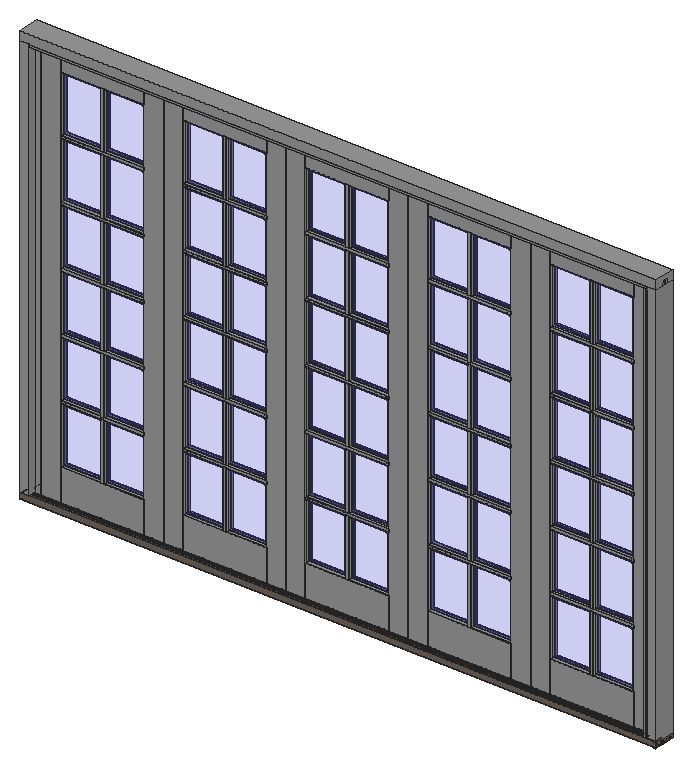
Revit family "VSFA 3180 SP LH", category Doors, host Wall, Revit 2015 (continued)
Forms (mm)
  Extrusion 75, solid, material "Lauan, Meranti"
    sketch origin (-556.235, 0, 0) x (0, 1, 0) y (0, 0, -1)
      loop
        line (-13.5, -1662) -> (-15.5, -1662) -> (-15.5, -1675)
      loop
        line (-15.5, -1378) -> (-13.5, -1378)
        arc (-13.5, -1378) -> (-11.866, -1382.67) -> (-7.5, -1385) r 6.807
        line (-7.5, -1385) -> (-7.5, -1387) -> (-5.5, -1387) -> (-5.5, -1378) -> (24.5, -1378) -> (24.5, -1365) -> (-5.5, -1365) -> (-5.5, -1356) -> (-7.5, -1356) -> (-7.5, -1358)
        arc (-7.5, -1358) -> (-11.866, -1360.33) -> (-13.5, -1365) r 6.807
        line (-13.5, -1365) -> (-15.5, -1365) -> (-15.5, -1378)
      loop
        line (-15.5, -1081) -> (-13.5, -1081)
        arc (-13.5, -1081) -> (-11.866, -1085.67) -> (-7.5, -1088) r 6.807
        line (-7.5, -1088) -> (-7.5, -1090) -> (-5.5, -1090) -> (-5.5, -1081) -> (24.5, -1081) -> (24.5, -1068) -> (-5.5, -1068) -> (-5.5, -1059) -> (-7.5, -1059) -> (-7.5, -1061)
        arc (-7.5, -1061) -> (-11.866, -1063.33) -> (-13.5, -1068) r 6.807
        line (-13.5, -1068) -> (-15.5, -1068) -> (-15.5, -1081)
      loop
        line (-15.5, -784) -> (-13.5, -784)
        arc (-13.5, -784) -> (-11.866, -788.67) -> (-7.5, -791) r 6.807
        line (-7.5, -791) -> (-7.5, -793) -> (-5.5, -793) -> (-5.5, -784) -> (24.5, -784) -> (24.5, -771) -> (-5.5, -771) -> (-5.5, -762) -> (-7.5, -762) -> (-7.5, -764)
        arc (-7.5, -764) -> (-11.866, -766.33) -> (-13.5, -771) r 6.807
        line (-13.5, -771) -> (-15.5, -771) -> (-15.5, -784)
      loop
        line (-15.5, -487) -> (-13.5, -487)
        arc (-13.5, -487) -> (-11.866, -491.67) -> (-7.5, -494) r 6.807
        line (-7.5, -494) -> (-7.5, -496) -> (-5.5, -496) -> (-5.5, -487) -> (24.5, -487) -> (24.5, -474) -> (-5.5, -474) -> (-5.5, -465) -> (-7.5, -465) -> (-7.5, -467)
        arc (-7.5, -467) -> (-11.866, -469.33) -> (-13.5, -474) r 6.807
        line (-13.5, -474) -> (-15.5, -474) -> (-15.5, -487)
    from -169.235 to 248.765
  Sweep 76, solid, material "Lauan, Meranti"
    path origin (-263.876, -75, -1252.272) x (-1, 0, 0) y (0, 0, -1)
      loop
        line (338.624, -1726.272) -> (541.124, -1726.272) -> (541.124, -1442.272) -> (338.624, -1442.272) -> (338.624, -1726.272)
    profile origin (-703.75, -75, 474) x (0, 0, -1) y (0, -1, 0)
      loop
        line (9, -78) -> (0, -78) -> (0, -86)
        arc (0, -86) -> (4.67, -84.366) -> (7, -80) r 6.807
        line (7, -80) -> (9, -80) -> (9, -78)
  Extrusion 77, solid, material "Glass"
    sketch origin (-532.808, -110.55, -763.769) x (-1, 0, 0) y (0, 0, -1)
      loop
        line (272.18, -953.779) -> (69.692, -953.779) -> (69.692, -1237.769) -> (272.18, -1237.769) -> (272.18, -953.779)
      loop
        line (56.692, -1237.769) -> (56.692, -953.769) -> (-145.808, -953.769) -> (-145.808, -1237.769) -> (56.692, -1237.769)
      loop
        line (272.18, -1250.779) -> (69.692, -1250.779) -> (69.692, -1534.769) -> (272.18, -1534.769) -> (272.18, -1250.779)
      loop
        line (56.692, -1534.769) -> (56.692, -1250.769) -> (-145.808, -1250.769) -> (-145.808, -1534.769) -> (56.692, -1534.769)
      loop
        line (272.18, -1547.779) -> (69.692, -1547.779) -> (69.692, -1831.769) -> (272.18, -1831.769) -> (272.18, -1547.779)
      loop
        line (56.692, -1831.769) -> (56.692, -1547.769) -> (-145.808, -1547.769) -> (-145.808, -1831.769) -> (56.692, -1831.769)
      loop
        line (272.18, -1844.779) -> (69.692, -1844.779) -> (69.692, -2128.769) -> (272.18, -2128.769) -> (272.18, -1844.779)
      loop
        line (56.692, -2128.769) -> (56.692, -1844.769) -> (-145.808, -1844.769) -> (-145.808, -2128.769) -> (56.692, -2128.769)
      loop
        line (272.18, -2141.779) -> (69.692, -2141.779) -> (69.692, -2425.769) -> (272.18, -2425.769) -> (272.18, -2141.779)
      loop
        line (56.692, -2425.769) -> (56.692, -2141.769) -> (-145.808, -2141.769) -> (-145.808, -2425.769) -> (56.692, -2425.769)
      loop
        line (272.18, -2438.779) -> (69.692, -2438.779) -> (69.692, -2722.769) -> (272.18, -2722.769) -> (272.18, -2438.779)
      loop
        line (56.692, -2722.769) -> (56.692, -2438.769) -> (-145.808, -2438.769) -> (-145.808, -2722.769) -> (56.692, -2722.769)
    from -112.5 to -106.1
  Extrusion 78, solid, material "Lauan, Meranti"
    sketch origin (-1, 0, 0) x (-1, 0, 0) y (0, -1, 0)
      loop
        line (601.5, 15.5) -> (588.5, 15.5) -> (588.5, 13.5)
        arc (588.5, 13.5) -> (583.83, 11.866) -> (581.5, 7.5) r 6.807
        line (581.5, 7.5) -> (579.5, 7.5) -> (579.5, 5.5) -> (588.5, 5.5) -> (588.5, -24.5) -> (601.5, -24.5) -> (601.5, 5.5) -> (610.5, 5.5) -> (610.5, 7.5) -> (608.5, 7.5)
        arc (608.5, 7.5) -> (606.17, 11.866) -> (601.5, 13.5) r 6.807
        line (601.5, 13.5) -> (601.5, 15.5)
    from 190 to 474
  Sweep 79, solid, material "Lauan, Meranti"
    path origin (-48.388, -75, -1252.272) x (-1, 0, 0) y (0, 0, -1)
      loop
        line (338.624, -1726.272) -> (541.124, -1726.272) -> (541.124, -1442.272) -> (338.624, -1442.272) -> (338.624, -1726.272)
    profile origin (-488.262, -75, 474) x (0, 0, -1) y (0, -1, 0)
      loop
        line (9, -78) -> (0, -78) -> (0, -86)
        arc (0, -86) -> (4.67, -84.366) -> (7, -80) r 6.807
        line (7, -80) -> (9, -80) -> (9, -78)
  Sweep 80, solid, material "Lauan, Meranti"
    path origin (-263.876, -75, -955.284) x (-1, 0, 0) y (0, 0, -1)
      loop
        line (338.624, -1726.272) -> (541.124, -1726.272) -> (541.124, -1442.272) -> (338.624, -1442.272) -> (338.624, -1726.272)
    profile origin (-703.75, -75, 770.988) x (0, 0, -1) y (0, -1, 0)
      loop
        line (9, -78) -> (0, -78) -> (0, -86)
        arc (0, -86) -> (4.67, -84.366) -> (7, -80) r 6.807
        line (7, -80) -> (9, -80) -> (9, -78)
  Extrusion 81, solid, material "Lauan, Meranti"
    sketch origin (-1, 0, 296.988) x (-1, 0, 0) y (0, -1, 0)
      loop
        line (601.5, 15.5) -> (588.5, 15.5) -> (588.5, 13.5)
        arc (588.5, 13.5) -> (583.83, 11.866) -> (581.5, 7.5) r 6.807
        line (581.5, 7.5) -> (579.5, 7.5) -> (579.5, 5.5) -> (588.5, 5.5) -> (588.5, -24.5) -> (601.5, -24.5) -> (601.5, 5.5) -> (610.5, 5.5) -> (610.5, 7.5) -> (608.5, 7.5)
        arc (608.5, 7.5) -> (606.17, 11.866) -> (601.5, 13.5) r 6.807
        line (601.5, 13.5) -> (601.5, 15.5)
    from 190 to 474
  Sweep 82, solid, material "Lauan, Meranti"
    path origin (-48.388, -75, -955.284) x (-1, 0, 0) y (0, 0, -1)
      loop
        line (338.624, -1726.272) -> (541.124, -1726.272) -> (541.124, -1442.272) -> (338.624, -1442.272) -> (338.624, -1726.272)
    profile origin (-488.262, -75, 770.988) x (0, 0, -1) y (0, -1, 0)
      loop
        line (9, -78) -> (0, -78) -> (0, -86)
        arc (0, -86) -> (4.67, -84.366) -> (7, -80) r 6.807
        line (7, -80) -> (9, -80) -> (9, -78)
  Sweep 83, solid, material "Lauan, Meranti"
    path origin (-263.876, -75, -658.284) x (-1, 0, 0) y (0, 0, -1)
      loop
        line (338.624, -1726.272) -> (541.124, -1726.272) -> (541.124, -1442.272) -> (338.624, -1442.272) -> (338.624, -1726.272)
    profile origin (-703.75, -75, 1067.988) x (0, 0, -1) y (0, -1, 0)
      loop
        line (9, -78) -> (0, -78) -> (0, -86)
        arc (0, -86) -> (4.67, -84.366) -> (7, -80) r 6.807
        line (7, -80) -> (9, -80) -> (9, -78)
  Extrusion 84, solid, material "Lauan, Meranti"
    sketch origin (-1, 0, 593.988) x (-1, 0, 0) y (0, -1, 0)
      loop
        line (601.5, 15.5) -> (588.5, 15.5) -> (588.5, 13.5)
        arc (588.5, 13.5) -> (583.83, 11.866) -> (581.5, 7.5) r 6.807
        line (581.5, 7.5) -> (579.5, 7.5) -> (579.5, 5.5) -> (588.5, 5.5) -> (588.5, -24.5) -> (601.5, -24.5) -> (601.5, 5.5) -> (610.5, 5.5) -> (610.5, 7.5) -> (608.5, 7.5)
        arc (608.5, 7.5) -> (606.17, 11.866) -> (601.5, 13.5) r 6.807
        line (601.5, 13.5) -> (601.5, 15.5)
    from 190 to 474
  Sweep 85, solid, material "Lauan, Meranti"
    path origin (-48.388, -75, -658.284) x (-1, 0, 0) y (0, 0, -1)
      loop
        line (338.624, -1726.272) -> (541.124, -1726.272) -> (541.124, -1442.272) -> (338.624, -1442.272) -> (338.624, -1726.272)
    profile origin (-488.262, -75, 1067.988) x (0, 0, -1) y (0, -1, 0)
      loop
        line (9, -78) -> (0, -78) -> (0, -86)
        arc (0, -86) -> (4.67, -84.366) -> (7, -80) r 6.807
        line (7, -80) -> (9, -80) -> (9, -78)
  Sweep 86, solid, material "Lauan, Meranti"
    path origin (-263.876, -75, -361.284) x (-1, 0, 0) y (0, 0, -1)
      loop
        line (338.624, -1726.272) -> (541.124, -1726.272) -> (541.124, -1442.272) -> (338.624, -1442.272) -> (338.624, -1726.272)
    profile origin (-703.75, -75, 1364.988) x (0, 0, -1) y (0, -1, 0)
      loop
        line (9, -78) -> (0, -78) -> (0, -86)
        arc (0, -86) -> (4.67, -84.366) -> (7, -80) r 6.807
        line (7, -80) -> (9, -80) -> (9, -78)
  Extrusion 87, solid, material "Lauan, Meranti"
    sketch origin (-1, 0, 890.988) x (-1, 0, 0) y (0, -1, 0)
      loop
        line (601.5, 15.5) -> (588.5, 15.5) -> (588.5, 13.5)
        arc (588.5, 13.5) -> (583.83, 11.866) -> (581.5, 7.5) r 6.807
        line (581.5, 7.5) -> (579.5, 7.5) -> (579.5, 5.5) -> (588.5, 5.5) -> (588.5, -24.5) -> (601.5, -24.5) -> (601.5, 5.5) -> (610.5, 5.5) -> (610.5, 7.5) -> (608.5, 7.5)
        arc (608.5, 7.5) -> (606.17, 11.866) -> (601.5, 13.5) r 6.807
        line (601.5, 13.5) -> (601.5, 15.5)
    from 190 to 474
  Sweep 88, solid, material "Lauan, Meranti"
    path origin (-48.388, -75, -361.284) x (-1, 0, 0) y (0, 0, -1)
      loop
        line (338.624, -1726.272) -> (541.124, -1726.272) -> (541.124, -1442.272) -> (338.624, -1442.272) -> (338.624, -1726.272)
    profile origin (-488.262, -75, 1364.988) x (0, 0, -1) y (0, -1, 0)
      loop
        line (9, -78) -> (0, -78) -> (0, -86)
        arc (0, -86) -> (4.67, -84.366) -> (7, -80) r 6.807
        line (7, -80) -> (9, -80) -> (9, -78)
  Sweep 89, solid, material "Lauan, Meranti"
    path origin (-263.876, -75, -64.284) x (-1, 0, 0) y (0, 0, -1)
      loop
        line (338.624, -1726.272) -> (541.124, -1726.272) -> (541.124, -1442.272) -> (338.624, -1442.272) -> (338.624, -1726.272)
    profile origin (-703.75, -75, 1661.988) x (0, 0, -1) y (0, -1, 0)
      loop
        line (9, -78) -> (0, -78) -> (0, -86)
        arc (0, -86) -> (4.67, -84.366) -> (7, -80) r 6.807
        line (7, -80) -> (9, -80) -> (9, -78)
  Extrusion 90, solid, material "Lauan, Meranti"
    sketch origin (-1, 0, 1187.988) x (-1, 0, 0) y (0, -1, 0)
      loop
        line (601.5, 15.5) -> (588.5, 15.5) -> (588.5, 13.5)
        arc (588.5, 13.5) -> (583.83, 11.866) -> (581.5, 7.5) r 6.807
        line (581.5, 7.5) -> (579.5, 7.5) -> (579.5, 5.5) -> (588.5, 5.5) -> (588.5, -24.5) -> (601.5, -24.5) -> (601.5, 5.5) -> (610.5, 5.5) -> (610.5, 7.5) -> (608.5, 7.5)
        arc (608.5, 7.5) -> (606.17, 11.866) -> (601.5, 13.5) r 6.807
        line (601.5, 13.5) -> (601.5, 15.5)
    from 190 to 474
  Sweep 91, solid, material "Lauan, Meranti"
    path origin (-48.388, -75, -64.284) x (-1, 0, 0) y (0, 0, -1)
      loop
        line (338.624, -1726.272) -> (541.124, -1726.272) -> (541.124, -1442.272) -> (338.624, -1442.272) -> (338.624, -1726.272)
    profile origin (-488.262, -75, 1661.988) x (0, 0, -1) y (0, -1, 0)
      loop
        line (9, -78) -> (0, -78) -> (0, -86)
        arc (0, -86) -> (4.67, -84.366) -> (7, -80) r 6.807
        line (7, -80) -> (9, -80) -> (9, -78)
  Sweep 92, solid, material "Lauan, Meranti"
    path origin (-263.876, -75, 232.716) x (-1, 0, 0) y (0, 0, -1)
      loop
        line (338.624, -1726.272) -> (541.124, -1726.272) -> (541.124, -1442.272) -> (338.624, -1442.272) -> (338.624, -1726.272)
    profile origin (-703.75, -75, 1958.988) x (0, 0, -1) y (0, -1, 0)
      loop
        line (9, -78) -> (0, -78) -> (0, -86)
        arc (0, -86) -> (4.67, -84.366) -> (7, -80) r 6.807
        line (7, -80) -> (9, -80) -> (9, -78)
  Extrusion 93, solid, material "Lauan, Meranti"
    sketch origin (-1, 0, 1484.988) x (-1, 0, 0) y (0, -1, 0)
      loop
        line (601.5, 15.5) -> (588.5, 15.5) -> (588.5, 13.5)
        arc (588.5, 13.5) -> (583.83, 11.866) -> (581.5, 7.5) r 6.807
        line (581.5, 7.5) -> (579.5, 7.5) -> (579.5, 5.5) -> (588.5, 5.5) -> (588.5, -24.5) -> (601.5, -24.5) -> (601.5, 5.5) -> (610.5, 5.5) -> (610.5, 7.5) -> (608.5, 7.5)
        arc (608.5, 7.5) -> (606.17, 11.866) -> (601.5, 13.5) r 6.807
        line (601.5, 13.5) -> (601.5, 15.5)
    from 190 to 474
  Sweep 94, solid, material "Lauan, Meranti"
    path origin (-48.388, -75, 232.716) x (-1, 0, 0) y (0, 0, -1)
      loop
        line (338.624, -1726.272) -> (541.124, -1726.272) -> (541.124, -1442.272) -> (338.624, -1442.272) -> (338.624, -1726.272)
    profile origin (-488.262, -75, 1958.988) x (0, 0, -1) y (0, -1, 0)
      loop
        line (9, -78) -> (0, -78) -> (0, -86)
        arc (0, -86) -> (4.67, -84.366) -> (7, -80) r 6.807
        line (7, -80) -> (9, -80) -> (9, -78)
  Extrusion 95, solid, material "Lauan, Meranti"
    sketch origin (-1168.235, 0, 0) x (0, 1, 0) y (0, 0, -1)
      loop
        line (-15.5, -190) -> (-13.5, -190)
        arc (-13.5, -190) -> (-11.866, -194.67) -> (-7.5, -197) r 6.807
        line (-7.5, -197) -> (-7.5, -199) -> (-5.5, -199) -> (-5.5, -190) -> (24.5, -190) -> (24.5, -19) -> (-15.5, -19) -> (-15.5, -190)
      loop
        arc (-7.5, -1952) -> (-11.866, -1954.33) -> (-13.5, -1959) r 6.807
        line (-13.5, -1959) -> (-15.5, -1959) -> (-15.5, -2055) -> (24.5, -2055) -> (24.5, -1959) -> (-5.5, -1959) -> (-5.5, -1950) -> (-7.5, -1950) -> (-7.5, -1952)
      loop
        line (-15.5, -1675) -> (-13.5, -1675)
        arc (-13.5, -1675) -> (-11.866, -1679.67) -> (-7.5, -1682) r 6.807
        line (-7.5, -1682) -> (-7.5, -1684) -> (-5.5, -1684) -> (-5.5, -1675) -> (24.5, -1675) -> (24.5, -1662) -> (-5.5, -1662) -> (-5.5, -1653) -> (-7.5, -1653) -> (-7.5, -1655)
        arc (-7.5, -1655) -> (-11.866, -1657.33) -> (-13.5, -1662) r 6.807
        line (-13.5, -1662) -> (-15.5, -1662) -> (-15.5, -1675)
      loop
        line (-15.5, -1378) -> (-13.5, -1378)
        arc (-13.5, -1378) -> (-11.866, -1382.67) -> (-7.5, -1385) r 6.807
        line (-7.5, -1385) -> (-7.5, -1387) -> (-5.5, -1387) -> (-5.5, -1378) -> (24.5, -1378) -> (24.5, -1365) -> (-5.5, -1365) -> (-5.5, -1356) -> (-7.5, -1356) -> (-7.5, -1358)
        arc (-7.5, -1358) -> (-11.866, -1360.33) -> (-13.5, -1365) r 6.807
        line (-13.5, -1365) -> (-15.5, -1365) -> (-15.5, -1378)
      loop
        line (-15.5, -1081) -> (-13.5, -1081)
        arc (-13.5, -1081) -> (-11.866, -1085.67) -> (-7.5, -1088) r 6.807
        line (-7.5, -1088) -> (-7.5, -1090) -> (-5.5, -1090) -> (-5.5, -1081) -> (24.5, -1081) -> (24.5, -1068) -> (-5.5, -1068) -> (-5.5, -1059) -> (-7.5, -1059) -> (-7.5, -1061)
        arc (-7.5, -1061) -> (-11.866, -1063.33) -> (-13.5, -1068) r 6.807
        line (-13.5, -1068) -> (-15.5, -1068) -> (-15.5, -1081)
      loop
        line (-15.5, -784) -> (-13.5, -784)
        arc (-13.5, -784) -> (-11.866, -788.67) -> (-7.5, -791) r 6.807
        line (-7.5, -791) -> (-7.5, -793) -> (-5.5, -793) -> (-5.5, -784) -> (24.5, -784) -> (24.5, -771) -> (-5.5, -771) -> (-5.5, -762) -> (-7.5, -762) -> (-7.5, -764)
        arc (-7.5, -764) -> (-11.866, -766.33) -> (-13.5, -771) r 6.807
        line (-13.5, -771) -> (-15.5, -771) -> (-15.5, -784)
      loop
        line (-15.5, -487) -> (-13.5, -487)
        arc (-13.5, -487) -> (-11.866, -491.67) -> (-7.5, -494) r 6.807
        line (-7.5, -494) -> (-7.5, -496) -> (-5.5, -496) -> (-5.5, -487) -> (24.5, -487) -> (24.5, -474) -> (-5.5, -474) -> (-5.5, -465) -> (-7.5, -465) -> (-7.5, -467)
        arc (-7.5, -467) -> (-11.866, -469.33) -> (-13.5, -474) r 6.807
        line (-13.5, -474) -> (-15.5, -474) -> (-15.5, -487)
    from -169.235 to 248.765
  Sweep 96, solid, material "Lauan, Meranti"
    path origin (-875.876, -75, -1252.272) x (-1, 0, 0) y (0, 0, -1)
      loop
        line (338.624, -1726.272) -> (541.124, -1726.272) -> (541.124, -1442.272) -> (338.624, -1442.272) -> (338.624, -1726.272)
    profile origin (-1315.75, -75, 474) x (0, 0, -1) y (0, -1, 0)
      loop
        line (9, -78) -> (0, -78) -> (0, -86)
        arc (0, -86) -> (4.67, -84.366) -> (7, -80) r 6.807
        line (7, -80) -> (9, -80) -> (9, -78)
  Extrusion 97, solid, material "Glass"
    sketch origin (-1144.808, -110.55, -763.769) x (-1, 0, 0) y (0, 0, -1)
      loop
        line (272.18, -953.779) -> (69.692, -953.779) -> (69.692, -1237.769) -> (272.18, -1237.769) -> (272.18, -953.779)
      loop
        line (56.692, -1237.769) -> (56.692, -953.769) -> (-145.808, -953.769) -> (-145.808, -1237.769) -> (56.692, -1237.769)
      loop
        line (272.18, -1250.779) -> (69.692, -1250.779) -> (69.692, -1534.769) -> (272.18, -1534.769) -> (272.18, -1250.779)
      loop
        line (56.692, -1534.769) -> (56.692, -1250.769) -> (-145.808, -1250.769) -> (-145.808, -1534.769) -> (56.692, -1534.769)
      loop
        line (272.18, -1547.779) -> (69.692, -1547.779) -> (69.692, -1831.769) -> (272.18, -1831.769) -> (272.18, -1547.779)
      loop
        line (56.692, -1831.769) -> (56.692, -1547.769) -> (-145.808, -1547.769) -> (-145.808, -1831.769) -> (56.692, -1831.769)
      loop
        line (272.18, -1844.779) -> (69.692, -1844.779) -> (69.692, -2128.769) -> (272.18, -2128.769) -> (272.18, -1844.779)
      loop
        line (56.692, -2128.769) -> (56.692, -1844.769) -> (-145.808, -1844.769) -> (-145.808, -2128.769) -> (56.692, -2128.769)
      loop
        line (272.18, -2141.779) -> (69.692, -2141.779) -> (69.692, -2425.769) -> (272.18, -2425.769) -> (272.18, -2141.779)
      loop
        line (56.692, -2425.769) -> (56.692, -2141.769) -> (-145.808, -2141.769) -> (-145.808, -2425.769) -> (56.692, -2425.769)
      loop
        line (272.18, -2438.779) -> (69.692, -2438.779) -> (69.692, -2722.769) -> (272.18, -2722.769) -> (272.18, -2438.779)
      loop
        line (56.692, -2722.769) -> (56.692, -2438.769) -> (-145.808, -2438.769) -> (-145.808, -2722.769) -> (56.692, -2722.769)
    from -112.5 to -106.1
  Extrusion 98, solid, material "Lauan, Meranti"
    sketch origin (-613, 0, 0) x (-1, 0, 0) y (0, -1, 0)
      loop
        line (601.5, 15.5) -> (588.5, 15.5) -> (588.5, 13.5)
        arc (588.5, 13.5) -> (583.83, 11.866) -> (581.5, 7.5) r 6.807
        line (581.5, 7.5) -> (579.5, 7.5) -> (579.5, 5.5) -> (588.5, 5.5) -> (588.5, -24.5) -> (601.5, -24.5) -> (601.5, 5.5) -> (610.5, 5.5) -> (610.5, 7.5) -> (608.5, 7.5)
        arc (608.5, 7.5) -> (606.17, 11.866) -> (601.5, 13.5) r 6.807
        line (601.5, 13.5) -> (601.5, 15.5)
    from 190 to 474
  Sweep 99, solid, material "Lauan, Meranti"
    path origin (-660.388, -75, -1252.272) x (-1, 0, 0) y (0, 0, -1)
      loop
        line (338.624, -1726.272) -> (541.124, -1726.272) -> (541.124, -1442.272) -> (338.624, -1442.272) -> (338.624, -1726.272)
    profile origin (-1100.262, -75, 474) x (0, 0, -1) y (0, -1, 0)
      loop
        line (9, -78) -> (0, -78) -> (0, -86)
        arc (0, -86) -> (4.67, -84.366) -> (7, -80) r 6.807
        line (7, -80) -> (9, -80) -> (9, -78)
  Sweep 100, solid, material "Lauan, Meranti"
    path origin (-875.876, -75, -955.284) x (-1, 0, 0) y (0, 0, -1)
      loop
        line (338.624, -1726.272) -> (541.124, -1726.272) -> (541.124, -1442.272) -> (338.624, -1442.272) -> (338.624, -1726.272)
    profile origin (-1315.75, -75, 770.988) x (0, 0, -1) y (0, -1, 0)
      loop
        line (9, -78) -> (0, -78) -> (0, -86)
        arc (0, -86) -> (4.67, -84.366) -> (7, -80) r 6.807
        line (7, -80) -> (9, -80) -> (9, -78)
  Extrusion 101, solid, material "Lauan, Meranti"
    sketch origin (-613, 0, 296.988) x (-1, 0, 0) y (0, -1, 0)
      loop
        line (601.5, 15.5) -> (588.5, 15.5) -> (588.5, 13.5)
        arc (588.5, 13.5) -> (583.83, 11.866) -> (581.5, 7.5) r 6.807
        line (581.5, 7.5) -> (579.5, 7.5) -> (579.5, 5.5) -> (588.5, 5.5) -> (588.5, -24.5) -> (601.5, -24.5) -> (601.5, 5.5) -> (610.5, 5.5) -> (610.5, 7.5) -> (608.5, 7.5)
        arc (608.5, 7.5) -> (606.17, 11.866) -> (601.5, 13.5) r 6.807
        line (601.5, 13.5) -> (601.5, 15.5)
    from 190 to 474
  Sweep 102, solid, material "Lauan, Meranti"
    path origin (-660.388, -75, -955.284) x (-1, 0, 0) y (0, 0, -1)
      loop
        line (338.624, -1726.272) -> (541.124, -1726.272) -> (541.124, -1442.272) -> (338.624, -1442.272) -> (338.624, -1726.272)
    profile origin (-1100.262, -75, 770.988) x (0, 0, -1) y (0, -1, 0)
      loop
        line (9, -78) -> (0, -78) -> (0, -86)
        arc (0, -86) -> (4.67, -84.366) -> (7, -80) r 6.807
        line (7, -80) -> (9, -80) -> (9, -78)
  Sweep 103, solid, material "Lauan, Meranti"
    path origin (-875.876, -75, -658.284) x (-1, 0, 0) y (0, 0, -1)
      loop
        line (338.624, -1726.272) -> (541.124, -1726.272) -> (541.124, -1442.272) -> (338.624, -1442.272) -> (338.624, -1726.272)
    profile origin (-1315.75, -75, 1067.988) x (0, 0, -1) y (0, -1, 0)
      loop
        line (9, -78) -> (0, -78) -> (0, -86)
        arc (0, -86) -> (4.67, -84.366) -> (7, -80) r 6.807
        line (7, -80) -> (9, -80) -> (9, -78)
  Extrusion 104, solid, material "Lauan, Meranti"
    sketch origin (-613, 0, 593.988) x (-1, 0, 0) y (0, -1, 0)
      loop
        line (601.5, 15.5) -> (588.5, 15.5) -> (588.5, 13.5)
        arc (588.5, 13.5) -> (583.83, 11.866) -> (581.5, 7.5) r 6.807
        line (581.5, 7.5) -> (579.5, 7.5) -> (579.5, 5.5) -> (588.5, 5.5) -> (588.5, -24.5) -> (601.5, -24.5) -> (601.5, 5.5) -> (610.5, 5.5) -> (610.5, 7.5) -> (608.5, 7.5)
        arc (608.5, 7.5) -> (606.17, 11.866) -> (601.5, 13.5) r 6.807
        line (601.5, 13.5) -> (601.5, 15.5)
    from 190 to 474
  Sweep 105, solid, material "Lauan, Meranti"
    path origin (-660.388, -75, -658.284) x (-1, 0, 0) y (0, 0, -1)
      loop
        line (338.624, -1726.272) -> (541.124, -1726.272) -> (541.124, -1442.272) -> (338.624, -1442.272) -> (338.624, -1726.272)
    profile origin (-1100.262, -75, 1067.988) x (0, 0, -1) y (0, -1, 0)
      loop
        line (9, -78) -> (0, -78) -> (0, -86)
        arc (0, -86) -> (4.67, -84.366) -> (7, -80) r 6.807
        line (7, -80) -> (9, -80) -> (9, -78)
  Sweep 106, solid, material "Lauan, Meranti"
    path origin (-875.876, -75, -361.284) x (-1, 0, 0) y (0, 0, -1)
      loop
        line (338.624, -1726.272) -> (541.124, -1726.272) -> (541.124, -1442.272) -> (338.624, -1442.272) -> (338.624, -1726.272)
    profile origin (-1315.75, -75, 1364.988) x (0, 0, -1) y (0, -1, 0)
      loop
        line (9, -78) -> (0, -78) -> (0, -86)
        arc (0, -86) -> (4.67, -84.366) -> (7, -80) r 6.807
        line (7, -80) -> (9, -80) -> (9, -78)
  Extrusion 107, solid, material "Lauan, Meranti"
    sketch origin (-613, 0, 890.988) x (-1, 0, 0) y (0, -1, 0)
      loop
        line (601.5, 15.5) -> (588.5, 15.5) -> (588.5, 13.5)
        arc (588.5, 13.5) -> (583.83, 11.866) -> (581.5, 7.5) r 6.807
        line (581.5, 7.5) -> (579.5, 7.5) -> (579.5, 5.5) -> (588.5, 5.5) -> (588.5, -24.5) -> (601.5, -24.5) -> (601.5, 5.5) -> (610.5, 5.5) -> (610.5, 7.5) -> (608.5, 7.5)
        arc (608.5, 7.5) -> (606.17, 11.866) -> (601.5, 13.5) r 6.807
        line (601.5, 13.5) -> (601.5, 15.5)
    from 190 to 474
  Sweep 108, solid, material "Lauan, Meranti"
    path origin (-660.388, -75, -361.284) x (-1, 0, 0) y (0, 0, -1)
      loop
        line (338.624, -1726.272) -> (541.124, -1726.272) -> (541.124, -1442.272) -> (338.624, -1442.272) -> (338.624, -1726.272)
    profile origin (-1100.262, -75, 1364.988) x (0, 0, -1) y (0, -1, 0)
      loop
        line (9, -78) -> (0, -78) -> (0, -86)
        arc (0, -86) -> (4.67, -84.366) -> (7, -80) r 6.807
        line (7, -80) -> (9, -80) -> (9, -78)
  Sweep 109, solid, material "Lauan, Meranti"
    path origin (-875.876, -75, -64.284) x (-1, 0, 0) y (0, 0, -1)
      loop
        line (338.624, -1726.272) -> (541.124, -1726.272) -> (541.124, -1442.272) -> (338.624, -1442.272) -> (338.624, -1726.272)
    profile origin (-1315.75, -75, 1661.988) x (0, 0, -1) y (0, -1, 0)
      loop
        line (9, -78) -> (0, -78) -> (0, -86)
        arc (0, -86) -> (4.67, -84.366) -> (7, -80) r 6.807
        line (7, -80) -> (9, -80) -> (9, -78)
  Extrusion 110, solid, material "Lauan, Meranti"
    sketch origin (-613, 0, 1187.988) x (-1, 0, 0) y (0, -1, 0)
      loop
        line (601.5, 15.5) -> (588.5, 15.5) -> (588.5, 13.5)
        arc (588.5, 13.5) -> (583.83, 11.866) -> (581.5, 7.5) r 6.807
        line (581.5, 7.5) -> (579.5, 7.5) -> (579.5, 5.5) -> (588.5, 5.5) -> (588.5, -24.5) -> (601.5, -24.5) -> (601.5, 5.5) -> (610.5, 5.5) -> (610.5, 7.5) -> (608.5, 7.5)
        arc (608.5, 7.5) -> (606.17, 11.866) -> (601.5, 13.5) r 6.807
        line (601.5, 13.5) -> (601.5, 15.5)
    from 190 to 474
  Sweep 111, solid, material "Lauan, Meranti"
    path origin (-660.388, -75, -64.284) x (-1, 0, 0) y (0, 0, -1)
      loop
        line (338.624, -1726.272) -> (541.124, -1726.272) -> (541.124, -1442.272) -> (338.624, -1442.272) -> (338.624, -1726.272)
    profile origin (-1100.262, -75, 1661.988) x (0, 0, -1) y (0, -1, 0)
      loop
        line (9, -78) -> (0, -78) -> (0, -86)
        arc (0, -86) -> (4.67, -84.366) -> (7, -80) r 6.807
        line (7, -80) -> (9, -80) -> (9, -78)
  Sweep 112, solid, material "Lauan, Meranti"
    path origin (-875.876, -75, 232.716) x (-1, 0, 0) y (0, 0, -1)
      loop
        line (338.624, -1726.272) -> (541.124, -1726.272) -> (541.124, -1442.272) -> (338.624, -1442.272) -> (338.624, -1726.272)
    profile origin (-1315.75, -75, 1958.988) x (0, 0, -1) y (0, -1, 0)
      loop
        line (9, -78) -> (0, -78) -> (0, -86)
        arc (0, -86) -> (4.67, -84.366) -> (7, -80) r 6.807
        line (7, -80) -> (9, -80) -> (9, -78)
  Extrusion 113, solid, material "Lauan, Meranti"
    sketch origin (-613, 0, 1484.988) x (-1, 0, 0) y (0, -1, 0)
      loop
        line (601.5, 15.5) -> (588.5, 15.5) -> (588.5, 13.5)
        arc (588.5, 13.5) -> (583.83, 11.866) -> (581.5, 7.5) r 6.807
        line (581.5, 7.5) -> (579.5, 7.5) -> (579.5, 5.5) -> (588.5, 5.5) -> (588.5, -24.5) -> (601.5, -24.5) -> (601.5, 5.5) -> (610.5, 5.5) -> (610.5, 7.5) -> (608.5, 7.5)
        arc (608.5, 7.5) -> (606.17, 11.866) -> (601.5, 13.5) r 6.807
        line (601.5, 13.5) -> (601.5, 15.5)
    from 190 to 474
  Sweep 114, solid, material "Lauan, Meranti"
    path origin (-660.388, -75, 232.716) x (-1, 0, 0) y (0, 0, -1)
      loop
        line (338.624, -1726.272) -> (541.124, -1726.272) -> (541.124, -1442.272) -> (338.624, -1442.272) -> (338.624, -1726.272)
    profile origin (-1100.262, -75, 1958.988) x (0, 0, -1) y (0, -1, 0)
      loop
        line (9, -78) -> (0, -78) -> (0, -86)
        arc (0, -86) -> (4.67, -84.366) -> (7, -80) r 6.807
        line (7, -80) -> (9, -80) -> (9, -78)
Cuts and joins
  joined: Extrusion 5, Extrusion 8
  joined: Extrusion 4, Extrusion 9
Lines and regions (mm)
  Opening 1
    outline origin (-5000, -75, 0) x (1, 0, 0) y (0, 0, 1)
      loop
        line (3410, 0) -> (6590, 0) -> (6590, 2100) -> (3410, 2100) -> (3410, 0)
  model lines
    curve 1: line (-1515, 24.5, 0) -> (-1210, 552.775, 0)
    curve 2: line (-1210, 552.775, 0) -> (-1175.359, 532.775, 0)
    curve 3: line (-1175.359, 532.775, 0) -> (-1480.359, 4.5, 0)
    curve 4: line (-835.718, 24.5, 0) -> (-1140.718, 552.775, 0)
    curve 5: line (-1140.718, 552.775, 0) -> (-1175.359, 532.775, 0)
    curve 6: line (-1175.359, 532.775, 0) -> (-870.359, 4.5, 0)
    curve 7: line (-835.718, 24.5, 0) -> (-568.312, 572.764, 0)
    curve 8: line (-568.312, 572.764, 0) -> (-532.36, 555.23, 0)
    curve 9: line (-532.36, 555.23, 0) -> (-799.766, 6.965, 0)
    curve 10: line (-229.002, 24.5, 0) -> (75.998, 552.775, 0)
    curve 11: line (75.998, 552.775, 0) -> (110.639, 532.775, 0)
    curve 12: line (110.639, 532.775, 0) -> (-194.361, 4.5, 0)
    curve 13: line (-229.002, 24.5, 0) -> (-496.408, 572.764, 0)
    curve 14: line (-496.408, 572.764, 0) -> (-532.36, 555.23, 0)
    curve 15: line (-532.36, 555.23, 0) -> (-264.953, 6.965, 0)
    curve 16: line (-1063.802, 99.5, 935) -> (-1238.802, 99.5, 935)
    curve 17: line (-1377.879, 99.5, 935) -> (-1238.802, 99.5, 991.191)
    curve 18: line (-1238.802, 99.5, 991.191) -> (-1238.802, 99.5, 878.809)
    curve 19: line (-1377.879, 99.5, 935) -> (-1238.802, 99.5, 878.809)
    curve 20: line (-451.802, 99.5, 935) -> (-626.802, 99.5, 935)
    curve 21: line (-765.879, 99.5, 935) -> (-626.802, 99.5, 991.191)
    curve 22: line (-626.802, 99.5, 991.191) -> (-626.802, 99.5, 878.809)
    curve 23: line (-765.879, 99.5, 935) -> (-626.802, 99.5, 878.809)
    curve 24: line (160.198, 99.5, 935) -> (-14.802, 99.5, 935)
    curve 25: line (-153.879, 99.5, 935) -> (-14.802, 99.5, 991.191)
    curve 26: line (-14.802, 99.5, 991.191) -> (-14.802, 99.5, 878.809)
    curve 27: line (-153.879, 99.5, 935) -> (-14.802, 99.5, 878.809)
    curve 28: line (772.198, 99.5, 935) -> (597.198, 99.5, 935)
    curve 29: line (458.121, 99.5, 935) -> (597.198, 99.5, 991.191)
    curve 30: line (597.198, 99.5, 991.191) -> (597.198, 99.5, 878.809)
    curve 31: line (458.121, 99.5, 935) -> (597.198, 99.5, 878.809)
    curve 32: line (1384.198, 99.5, 935) -> (1209.198, 99.5, 935)
    curve 33: line (1070.121, 99.5, 935) -> (1209.198, 99.5, 991.191)
    curve 34: line (1209.198, 99.5, 991.191) -> (1209.198, 99.5, 878.809)
    curve 35: line (1070.121, 99.5, 935) -> (1209.198, 99.5, 878.809)
Text (mm)
  text "Exterior" at (-2295.016, 1099.543, 0), in view "Ref. Level"
  text "Exterior" at (0, 1615.38, 3698.081), in view "Left"
  text "Exterior" at (0, 1036.032, 3874.932), in view "Right"
Dimensions and locks
  equal spacing: plane 3 "Left", plane 2 "Center (Left/Right)", plane 4 "Right"
  "Width": plane 3 "Left" to plane 4 "Right"
  "Height": plane 5 to host wall
  host wall to plane 5 = 2100 mm  (x2)
  locked: plane 6 "Exterior" to host wall at 0
  locked: plane 7 "Interior" to host wall
  plane 3 "Left" to plane 4 "Right" = 3180 mm
  aligned and locked: plane 1 to host wall
  aligned and locked: Opening 1 sketch curve to level
  aligned and locked: Sweep 16 sketch curve to Extrusion 15
  aligned and locked: Sweep 36 sketch curve to Extrusion 35
  aligned and locked: Sweep 56 sketch curve to Extrusion 55
  aligned and locked: Sweep 76 sketch curve to Extrusion 75
  aligned and locked: Sweep 96 sketch curve to Extrusion 95
Automatic sketch dimensions
  Extrusion 6 sketch curve to plane 9 = 30 mm
  Extrusion 6 sketch curve to Extrusion 6 sketch curve = 3 mm  (x3)
  Extrusion 6 sketch curve to Extrusion 6 sketch curve = 6.5 mm
  Extrusion 6 sketch curve to Extrusion 6 sketch curve = 10 mm
  host wall to Extrusion 6 sketch curve = 20.5 mm
  Extrusion 6 sketch curve to Extrusion 6 sketch curve = 0 mm
  Extrusion 6 sketch curve to Extrusion 6 sketch curve = 7 mm
  Extrusion 6 sketch curve to Extrusion 6 sketch curve = 22 mm
  curve 17 to plane 8 = 167.121 mm
  curve 17 to curve 18 = 139.078 mm
  curve 23 to plane 17 = 167.121 mm
  curve 21 to curve 21 = 139.078 mm
  curve 25 to plane 2 "Center (Left/Right)" = 153.879 mm
  curve 27 to plane 2 "Center (Left/Right)" = 14.802 mm
  curve 29 to plane 13 = 167.121 mm
  curve 29 to curve 29 = 139.078 mm
  curve 33 to plane 11 = 167.121 mm
  curve 33 to curve 34 = 139.078 mm
  level to curve 26 = 878.809 mm
  curve 31 to curve 26 = 0 mm
  level to curve 18 = 878.809 mm
  curve 34 to curve 30 = 0 mm
  curve 22 to curve 18 = 0 mm
  curve 34 to curve 33 = 56.191 mm
  curve 18 to curve 17 = 56.191 mm
  curve 30 to curve 31 = 56.191 mm
  curve 22 to curve 21 = 56.191 mm
  curve 26 to curve 25 = 56.191 mm
  curve 26 to curve 25 = 112.382 mm
  curve 22 to curve 22 = 112.382 mm
  curve 30 to curve 29 = 112.382 mm
  curve 18 to curve 18 = 112.382 mm
  curve 34 to curve 33 = 112.382 mm
  plane 18 to curve 16 = 128.802 mm
  plane 16 to curve 20 = 128.802 mm
  plane 14 to curve 24 = 128.802 mm
  plane 12 to curve 28 = 128.802 mm
  plane 10 to curve 32 = 128.802 mm
  curve 32 to curve 33 = 56.191 mm
  curve 16 to curve 17 = 56.191 mm
  curve 20 to curve 21 = 56.191 mm
  curve 28 to curve 29 = 56.191 mm
  curve 24 to curve 25 = 56.191 mm
  plane 18 to curve 2 = 275 mm
  curve 1 to curve 3 = 34.641 mm
  curve 2 to curve 4 = 34.641 mm
  curve 7 to host wall = 24.5 mm
  curve 7 to plane 17 = 97.282 mm
  plane 16 to curve 7 = 245.312 mm
  curve 7 to curve 9 = 35.952 mm
  curve 8 to curve 14 = 35.952 mm
  curve 13 to host wall = 24.5 mm
  curve 13 to plane 15 = 91.998 mm
  plane 2 "Center (Left/Right)" to curve 10 = 75.998 mm
  curve 10 to curve 11 = 34.641 mm
  host wall to curve 12 = 457.775 mm
  host wall to curve 2 = 457.775 mm
  curve 2 to curve 1 = 20 mm
  host wall to curve 14 = 480.23 mm
  curve 3 to host wall = 4.5 mm
  curve 1 to host wall = 24.5 mm
  curve 6 to host wall = 4.5 mm
  curve 9 to host wall = 6.965 mm
  curve 15 to host wall = 6.965 mm
  curve 12 to host wall = 4.5 mm
  plane 3 "Left" to Opening 1 sketch curve = 0 mm
  plane 4 "Right" to Opening 1 sketch curve = 0 mm
  Opening 1 sketch curve to plane 5 = 0 mm
  Extrusion 1 sketch curve to level = 0 mm
  level to Extrusion 1 sketch curve = 1 mm
  Extrusion 1 sketch curve to host wall = 22.5 mm
  Extrusion 1 sketch curve to Extrusion 1 sketch curve = 1 mm  (x7)
  Extrusion 1 sketch curve to Extrusion 1 sketch curve = 0.5 mm  (x8)
  Extrusion 1 sketch curve to Extrusion 1 sketch curve = 8.551 mm
  Extrusion 1 sketch curve to Extrusion 1 sketch curve = 0.717 mm  (x10)
  Extrusion 1 sketch curve to Extrusion 1 sketch curve = 1.732 mm  (x10)
  Extrusion 1 sketch curve to Extrusion 1 sketch curve = 0 mm  (x26)
  Extrusion 1 sketch curve to Extrusion 1 sketch curve = 3.101 mm  (x3)
  Extrusion 1 sketch curve to Extrusion 1 sketch curve = 6.351 mm
  Extrusion 1 sketch curve to Extrusion 1 sketch curve = 1.5 mm  (x15)
  Extrusion 1 sketch curve to Extrusion 1 sketch curve = 0.7 mm
  level to Extrusion 1 sketch curve = 1.5 mm  (x3)
  Extrusion 1 sketch curve to Extrusion 1 sketch curve = 1.2 mm  (x2)
  Extrusion 1 sketch curve to Extrusion 1 sketch curve = 8.248 mm
  host wall to Extrusion 1 sketch curve = 4.5 mm
  host wall to Extrusion 1 sketch curve = 1.5 mm  (x2)
  Extrusion 1 sketch curve to host wall = 1.817 mm
  Extrusion 1 sketch curve to Extrusion 1 sketch curve = 1.433 mm  (x3)
  Extrusion 1 sketch curve to host wall = 3.75 mm
  Extrusion 1 sketch curve to Extrusion 1 sketch curve = 1.25 mm  (x2)
  Extrusion 1 sketch curve to Extrusion 1 sketch curve = 3.317 mm
  Extrusion 1 sketch curve to Extrusion 1 sketch curve = 4.551 mm
  Extrusion 1 sketch curve to Extrusion 1 sketch curve = 10.551 mm
  Extrusion 1 sketch curve to Extrusion 1 sketch curve = 11 mm
  Extrusion 1 sketch curve to Extrusion 1 sketch curve = 14.5 mm
  Extrusion 1 sketch curve to Extrusion 1 sketch curve = 2 mm  (x4)
  Extrusion 1 sketch curve to Extrusion 1 sketch curve = 0.3 mm
  Extrusion 1 sketch curve to Extrusion 1 sketch curve = 2.5 mm
  Extrusion 1 sketch curve to Extrusion 1 sketch curve = 1.488 mm
  Extrusion 1 sketch curve to Extrusion 1 sketch curve = 1.012 mm
  Extrusion 1 sketch curve to Extrusion 1 sketch curve = 5.5 mm
  plane 5 to Extrusion 2 sketch curve = 0 mm
  Extrusion 2 sketch curve to host wall = 22.5 mm  (x2)
  host wall to Extrusion 2 sketch curve = 6.5 mm
  Extrusion 2 sketch curve to host wall = 15.5 mm
  plane 5 to Extrusion 2 sketch curve = 25 mm
  Extrusion 2 sketch curve to Extrusion 2 sketch curve = 45 mm
  Extrusion 2 sketch curve to Extrusion 2 sketch curve = 20 mm
  Extrusion 3 sketch curve to host wall = 22.5 mm
  Extrusion 3 sketch curve to Extrusion 3 sketch curve = 3 mm  (x3)
  Extrusion 3 sketch curve to Extrusion 3 sketch curve = 22 mm
  Extrusion 3 sketch curve to Extrusion 3 sketch curve = 7 mm
  Extrusion 3 sketch curve to Extrusion 3 sketch curve = 0 mm
  plane 5 to Extrusion 3 sketch curve = 45 mm
  Extrusion 3 sketch curve to Extrusion 3 sketch curve = 6.5 mm
  Extrusion 3 sketch curve to Extrusion 3 sketch curve = 10 mm
  Extrusion 4 sketch curve to plane 8 = 0 mm  (x2)
  Extrusion 4 sketch curve to plane 3 "Left" = 0 mm  (x2)
  Extrusion 4 sketch curve to plane 8 = 10 mm
  Extrusion 4 sketch curve to Extrusion 4 sketch curve = 20 mm
  plane 8 to Extrusion 4 sketch curve = 15 mm  (x2)
  Extrusion 4 sketch curve to host wall = 22.5 mm  (x2)
  Extrusion 4 sketch curve to host wall = 25.5 mm
  Extrusion 4 sketch curve to Extrusion 4 sketch curve = 1 mm
  Extrusion 4 sketch curve to host wall = 14.5 mm
  host wall to Extrusion 4 sketch curve = 5.5 mm
  Extrusion 4 sketch curve to Extrusion 4 sketch curve = 10 mm
  host wall to Extrusion 4 sketch curve = 16.5 mm
  Extrusion 5 sketch curve to plane 4 "Right" = 0 mm
  plane 4 "Right" to Extrusion 5 sketch curve = 33 mm
  Extrusion 5 sketch curve to plane 9 = 30 mm
  Extrusion 5 sketch curve to host wall = 22.5 mm  (x2)
  Extrusion 5 sketch curve to host wall = 24.5 mm
  host wall to Extrusion 7 sketch curve = 6 mm
  Extrusion 7 sketch curve to Extrusion 7 sketch curve = 2.2 mm  (x3)
  Extrusion 7 sketch curve to host wall = 12.8 mm
  plane 5 to Extrusion 7 sketch curve = 45 mm
  Extrusion 7 sketch curve to Extrusion 7 sketch curve = 0 mm
  Extrusion 7 sketch curve to Extrusion 7 sketch curve = 17.8 mm
  Extrusion 8 sketch curve to plane 4 "Right" = 0 mm
  Extrusion 8 sketch curve to Extrusion 8 sketch curve = 33 mm
  Extrusion 8 sketch curve to plane 9 = 30 mm
  Extrusion 8 sketch curve to host wall = 22.5 mm
  Extrusion 8 sketch curve to host wall = 24.5 mm
  host wall to Extrusion 8 sketch curve = 19.5 mm
  Extrusion 9 sketch curve to plane 8 = 0 mm
  Extrusion 9 sketch curve to plane 3 "Left" = 0 mm
  Extrusion 9 sketch curve to plane 8 = 10 mm
  Extrusion 9 sketch curve to Extrusion 9 sketch curve = 20 mm
  plane 8 to Extrusion 9 sketch curve = 15 mm  (x2)
  Extrusion 9 sketch curve to host wall = 22.5 mm
  Extrusion 9 sketch curve to host wall = 25.5 mm
  Extrusion 9 sketch curve to host wall = 24.5 mm
  Extrusion 9 sketch curve to Extrusion 9 sketch curve = 10 mm  (x2)
  host wall to Extrusion 9 sketch curve = 5.5 mm
  plane 17 to Extrusion 10 sketch curve = 30 mm
  Extrusion 10 sketch curve to host wall = 13.5 mm
  Extrusion 10 sketch curve to plane 18 = 64 mm
  Extrusion 10 sketch curve to Extrusion 10 sketch curve = 0 mm
  Extrusion 10 sketch curve to Extrusion 10 sketch curve = 0.473 mm  (x3)
  Extrusion 10 sketch curve to Extrusion 10 sketch curve = 6.527 mm  (x2)
  Extrusion 10 sketch curve to Extrusion 10 sketch curve = 2 mm  (x4)
  Extrusion 10 sketch curve to host wall = 5.5 mm
  plane 8 to Extrusion 10 sketch curve = 137 mm
  plane 8 to Extrusion 10 sketch curve = 32 mm
  Extrusion 10 sketch curve to host wall = 15.5 mm  (x2)
  Extrusion 10 sketch curve to host wall = 7.5 mm
  Extrusion 10 sketch curve to Extrusion 10 sketch curve = 1.468 mm
  host wall to Extrusion 10 sketch curve = 24.5 mm  (x2)
  plane 15 to Extrusion 11 sketch curve = 30 mm
  Extrusion 11 sketch curve to host wall = 13.5 mm
  Extrusion 11 sketch curve to plane 16 = 64 mm
  Extrusion 11 sketch curve to Extrusion 11 sketch curve = 0 mm
  Extrusion 11 sketch curve to Extrusion 11 sketch curve = 0.473 mm  (x3)
  Extrusion 11 sketch curve to Extrusion 11 sketch curve = 6.527 mm  (x2)
  Extrusion 11 sketch curve to Extrusion 11 sketch curve = 2 mm  (x4)
  Extrusion 11 sketch curve to host wall = 5.5 mm
  plane 17 to Extrusion 11 sketch curve = 137 mm
  plane 17 to Extrusion 11 sketch curve = 32 mm
  Extrusion 11 sketch curve to host wall = 15.5 mm  (x2)
  Extrusion 11 sketch curve to host wall = 7.5 mm
  Extrusion 11 sketch curve to Extrusion 11 sketch curve = 1.468 mm
  host wall to Extrusion 11 sketch curve = 24.5 mm  (x2)
  plane 13 to Extrusion 12 sketch curve = 30 mm
  Extrusion 12 sketch curve to host wall = 13.5 mm
  Extrusion 12 sketch curve to plane 14 = 64 mm
  Extrusion 12 sketch curve to Extrusion 12 sketch curve = 0 mm
  Extrusion 12 sketch curve to Extrusion 12 sketch curve = 0.473 mm  (x3)
  Extrusion 12 sketch curve to Extrusion 12 sketch curve = 6.527 mm  (x2)
  Extrusion 12 sketch curve to Extrusion 12 sketch curve = 2 mm  (x4)
  Extrusion 12 sketch curve to host wall = 5.5 mm
  plane 15 to Extrusion 12 sketch curve = 137 mm
  plane 15 to Extrusion 12 sketch curve = 32 mm
  Extrusion 12 sketch curve to host wall = 15.5 mm  (x2)
  Extrusion 12 sketch curve to host wall = 7.5 mm
  Extrusion 12 sketch curve to Extrusion 12 sketch curve = 1.468 mm
  host wall to Extrusion 12 sketch curve = 24.5 mm  (x2)
  plane 11 to Extrusion 13 sketch curve = 30 mm
  Extrusion 13 sketch curve to host wall = 13.5 mm
  Extrusion 13 sketch curve to plane 12 = 64 mm
  Extrusion 13 sketch curve to Extrusion 13 sketch curve = 0 mm
  Extrusion 13 sketch curve to Extrusion 13 sketch curve = 0.473 mm  (x3)
  Extrusion 13 sketch curve to Extrusion 13 sketch curve = 6.527 mm  (x2)
  Extrusion 13 sketch curve to Extrusion 13 sketch curve = 2 mm  (x4)
  Extrusion 13 sketch curve to host wall = 5.5 mm
  plane 13 to Extrusion 13 sketch curve = 137 mm
  plane 13 to Extrusion 13 sketch curve = 32 mm
  Extrusion 13 sketch curve to host wall = 15.5 mm  (x2)
  Extrusion 13 sketch curve to host wall = 7.5 mm
  Extrusion 13 sketch curve to Extrusion 13 sketch curve = 1.468 mm
  host wall to Extrusion 13 sketch curve = 24.5 mm  (x2)
  plane 9 to Extrusion 14 sketch curve = 30 mm
  Extrusion 14 sketch curve to host wall = 13.5 mm
  Extrusion 14 sketch curve to plane 10 = 64 mm
  Extrusion 14 sketch curve to Extrusion 14 sketch curve = 0 mm
  Extrusion 14 sketch curve to Extrusion 14 sketch curve = 0.473 mm  (x3)
  Extrusion 14 sketch curve to Extrusion 14 sketch curve = 6.527 mm  (x2)
  Extrusion 14 sketch curve to Extrusion 14 sketch curve = 2 mm  (x4)
  Extrusion 14 sketch curve to host wall = 5.5 mm
  plane 11 to Extrusion 14 sketch curve = 137 mm
  plane 11 to Extrusion 14 sketch curve = 32 mm
  Extrusion 14 sketch curve to host wall = 15.5 mm  (x2)
  Extrusion 14 sketch curve to host wall = 7.5 mm
  Extrusion 14 sketch curve to Extrusion 14 sketch curve = 1.468 mm
  host wall to Extrusion 14 sketch curve = 24.5 mm  (x2)
  host wall to Extrusion 15 sketch curve = 15.5 mm  (x7)
  Extrusion 15 sketch curve to Extrusion 15 sketch curve = 2 mm  (x28)
  host wall to Extrusion 15 sketch curve = 7.5 mm  (x12)
  host wall to Extrusion 15 sketch curve = 6.697 mm  (x12)
  Extrusion 15 sketch curve to Extrusion 15 sketch curve = 1.197 mm  (x8)
  Extrusion 15 sketch curve to host wall = 24.5 mm  (x7)
  plane 5 to Extrusion 15 sketch curve = 45 mm
  Extrusion 15 sketch curve to Extrusion 15 sketch curve = 96 mm
  Extrusion 15 sketch curve to Extrusion 15 sketch curve = 0 mm  (x6)
  Extrusion 15 sketch curve to Extrusion 15 sketch curve = 0.241 mm  (x12)
  Extrusion 15 sketch curve to Extrusion 15 sketch curve = 266 mm  (x5)
  Extrusion 15 sketch curve to Extrusion 15 sketch curve = 6.759 mm  (x6)
  Extrusion 15 sketch curve to Extrusion 15 sketch curve = 13 mm  (x5)
  level to Extrusion 15 sketch curve = 199 mm
  level to Extrusion 15 sketch curve = 19 mm
  plane 10 to Sweep 16 sketch curve = 279.5 mm
  Sweep 16 sketch curve to plane 11 = 128 mm
  Sweep 16 sketch curve to Sweep 16 sketch curve = 284 mm
  Sweep 16 sketch curve to profile plane = 0 mm
  Sweep 16 sketch curve to profile plane = 0.241 mm
  Sweep 16 sketch curve to Sweep 16 sketch curve = 6.759 mm
  Sweep 16 sketch curve to Sweep 16 sketch curve = 2 mm  (x2)
  Sweep 16 sketch curve to profile plane = 86 mm
  Sweep 16 sketch curve to Sweep 16 sketch curve = 6 mm
  plane 10 to Extrusion 17 sketch curve = 64 mm  (x5)
  Extrusion 17 sketch curve to Extrusion 17 sketch curve = 0 mm  (x8)
  Extrusion 17 sketch curve to Extrusion 17 sketch curve = 202.5 mm  (x4)
  Extrusion 17 sketch curve to Extrusion 17 sketch curve = 13 mm  (x11)
  Extrusion 17 sketch curve to plane 11 = 128.012 mm  (x3)
  plane 5 to Extrusion 17 sketch curve = 141 mm  (x2)
  Extrusion 17 sketch curve to Extrusion 17 sketch curve = 283.99 mm  (x5)
  Extrusion 17 sketch curve to Extrusion 17 sketch curve = 0.01 mm  (x5)
  Extrusion 17 sketch curve to Extrusion 17 sketch curve = 13.01 mm  (x3)
  level to Extrusion 17 sketch curve = 190.01 mm
  level to Extrusion 17 sketch curve = 190 mm
  Extrusion 18 sketch curve to host wall = 5.5 mm  (x2)
  Extrusion 18 sketch curve to plane 10 = 257.5 mm
  Extrusion 18 sketch curve to Extrusion 18 sketch curve = 2 mm  (x5)
  Extrusion 18 sketch curve to Extrusion 18 sketch curve = 6.759 mm  (x2)
  Extrusion 18 sketch curve to Extrusion 18 sketch curve = 0.241 mm  (x3)
  Extrusion 18 sketch curve to Extrusion 18 sketch curve = 13 mm  (x2)
  Extrusion 18 sketch curve to Extrusion 18 sketch curve = 1.197 mm  (x2)
  host wall to Extrusion 18 sketch curve = 24.5 mm
  plane 10 to Sweep 19 sketch curve = 64.012 mm
  Sweep 19 sketch curve to Sweep 19 sketch curve = 202.5 mm
  level to Sweep 19 sketch curve = 474 mm
  level to Sweep 19 sketch curve = 190 mm
  Sweep 19 sketch curve to profile plane = 0 mm
  Sweep 19 sketch curve to profile plane = 0.241 mm
  Sweep 19 sketch curve to Sweep 19 sketch curve = 6.759 mm
  Sweep 19 sketch curve to Sweep 19 sketch curve = 2 mm  (x2)
  Sweep 19 sketch curve to profile plane = 86 mm
  Sweep 19 sketch curve to Sweep 19 sketch curve = 6 mm
  plane 10 to Sweep 20 sketch curve = 279.5 mm
  Sweep 20 sketch curve to plane 11 = 128 mm
  level to Sweep 20 sketch curve = 770.988 mm
  Sweep 20 sketch curve to Sweep 20 sketch curve = 284 mm
  Sweep 20 sketch curve to profile plane = 0 mm
  Sweep 20 sketch curve to profile plane = 0.241 mm
  Sweep 20 sketch curve to Sweep 20 sketch curve = 6.759 mm
  Sweep 20 sketch curve to Sweep 20 sketch curve = 2 mm  (x2)
  Sweep 20 sketch curve to profile plane = 86 mm
  Sweep 20 sketch curve to Sweep 20 sketch curve = 6 mm
  host wall to Extrusion 21 sketch curve = 5.5 mm  (x2)
  plane 10 to Extrusion 21 sketch curve = 257.5 mm
  Extrusion 21 sketch curve to Extrusion 21 sketch curve = 2 mm  (x5)
  Extrusion 21 sketch curve to Extrusion 21 sketch curve = 6.759 mm  (x2)
  Extrusion 21 sketch curve to Extrusion 21 sketch curve = 0.241 mm  (x3)
  Extrusion 21 sketch curve to Extrusion 21 sketch curve = 13 mm  (x2)
  Extrusion 21 sketch curve to host wall = 24.5 mm
  Extrusion 21 sketch curve to Extrusion 21 sketch curve = 1.197 mm  (x2)
  plane 10 to Sweep 22 sketch curve = 64.012 mm
  Sweep 22 sketch curve to Sweep 22 sketch curve = 202.5 mm
  level to Sweep 22 sketch curve = 770.988 mm
  Sweep 22 sketch curve to Sweep 22 sketch curve = 284 mm
  Sweep 22 sketch curve to profile plane = 0 mm
  Sweep 22 sketch curve to profile plane = 0.241 mm
  Sweep 22 sketch curve to Sweep 22 sketch curve = 6.759 mm
  Sweep 22 sketch curve to Sweep 22 sketch curve = 2 mm  (x2)
  Sweep 22 sketch curve to profile plane = 86 mm
  Sweep 22 sketch curve to Sweep 22 sketch curve = 6 mm
  plane 10 to Sweep 23 sketch curve = 279.5 mm
  Sweep 23 sketch curve to plane 11 = 128 mm
  plane 5 to Sweep 23 sketch curve = 1032.012 mm
  Sweep 23 sketch curve to Sweep 23 sketch curve = 284 mm
  Sweep 23 sketch curve to profile plane = 0 mm
  Sweep 23 sketch curve to profile plane = 0.241 mm
  Sweep 23 sketch curve to Sweep 23 sketch curve = 6.759 mm
  Sweep 23 sketch curve to Sweep 23 sketch curve = 2 mm  (x2)
  Sweep 23 sketch curve to profile plane = 86 mm
  Sweep 23 sketch curve to Sweep 23 sketch curve = 6 mm
  host wall to Extrusion 24 sketch curve = 5.5 mm  (x2)
  plane 10 to Extrusion 24 sketch curve = 257.5 mm
  Extrusion 24 sketch curve to Extrusion 24 sketch curve = 2 mm  (x5)
  Extrusion 24 sketch curve to Extrusion 24 sketch curve = 6.759 mm  (x2)
  Extrusion 24 sketch curve to Extrusion 24 sketch curve = 0.241 mm  (x3)
  Extrusion 24 sketch curve to Extrusion 24 sketch curve = 13 mm  (x2)
  Extrusion 24 sketch curve to host wall = 24.5 mm
  Extrusion 24 sketch curve to Extrusion 24 sketch curve = 1.197 mm  (x2)
  plane 10 to Sweep 25 sketch curve = 64.012 mm
  Sweep 25 sketch curve to Sweep 25 sketch curve = 202.5 mm
  plane 5 to Sweep 25 sketch curve = 1032.012 mm
  Sweep 25 sketch curve to Sweep 25 sketch curve = 284 mm
  Sweep 25 sketch curve to profile plane = 0 mm
  Sweep 25 sketch curve to profile plane = 0.241 mm
  Sweep 25 sketch curve to Sweep 25 sketch curve = 6.759 mm
  Sweep 25 sketch curve to Sweep 25 sketch curve = 2 mm  (x2)
  Sweep 25 sketch curve to profile plane = 86 mm
  Sweep 25 sketch curve to Sweep 25 sketch curve = 6 mm
  plane 10 to Sweep 26 sketch curve = 279.5 mm
  Sweep 26 sketch curve to plane 11 = 128 mm
  plane 5 to Sweep 26 sketch curve = 735.012 mm
  Sweep 26 sketch curve to Sweep 26 sketch curve = 284 mm
  Sweep 26 sketch curve to profile plane = 0 mm
  Sweep 26 sketch curve to profile plane = 0.241 mm
  Sweep 26 sketch curve to Sweep 26 sketch curve = 6.759 mm
  Sweep 26 sketch curve to Sweep 26 sketch curve = 2 mm  (x2)
  Sweep 26 sketch curve to profile plane = 86 mm
  Sweep 26 sketch curve to Sweep 26 sketch curve = 6 mm
  host wall to Extrusion 27 sketch curve = 5.5 mm  (x2)
  plane 10 to Extrusion 27 sketch curve = 257.5 mm
  Extrusion 27 sketch curve to Extrusion 27 sketch curve = 2 mm  (x5)
  Extrusion 27 sketch curve to Extrusion 27 sketch curve = 6.759 mm  (x2)
  Extrusion 27 sketch curve to Extrusion 27 sketch curve = 0.241 mm  (x3)
  Extrusion 27 sketch curve to Extrusion 27 sketch curve = 13 mm  (x2)
  Extrusion 27 sketch curve to host wall = 24.5 mm
  Extrusion 27 sketch curve to Extrusion 27 sketch curve = 1.197 mm  (x2)
  plane 10 to Sweep 28 sketch curve = 64.012 mm
  Sweep 28 sketch curve to Sweep 28 sketch curve = 202.5 mm
  plane 5 to Sweep 28 sketch curve = 735.012 mm
  Sweep 28 sketch curve to Sweep 28 sketch curve = 284 mm
  Sweep 28 sketch curve to profile plane = 0 mm
  Sweep 28 sketch curve to profile plane = 0.241 mm
  Sweep 28 sketch curve to Sweep 28 sketch curve = 6.759 mm
  Sweep 28 sketch curve to Sweep 28 sketch curve = 2 mm  (x2)
  Sweep 28 sketch curve to profile plane = 86 mm
  Sweep 28 sketch curve to Sweep 28 sketch curve = 6 mm
  plane 10 to Sweep 29 sketch curve = 279.5 mm
  Sweep 29 sketch curve to plane 11 = 128 mm
  plane 5 to Sweep 29 sketch curve = 438.012 mm
  Sweep 29 sketch curve to Sweep 29 sketch curve = 284 mm
  Sweep 29 sketch curve to profile plane = 0 mm
  Sweep 29 sketch curve to profile plane = 0.241 mm
  Sweep 29 sketch curve to Sweep 29 sketch curve = 6.759 mm
  Sweep 29 sketch curve to Sweep 29 sketch curve = 2 mm  (x2)
  Sweep 29 sketch curve to profile plane = 86 mm
  Sweep 29 sketch curve to Sweep 29 sketch curve = 6 mm
  host wall to Extrusion 30 sketch curve = 5.5 mm  (x2)
  plane 10 to Extrusion 30 sketch curve = 257.5 mm
  Extrusion 30 sketch curve to Extrusion 30 sketch curve = 2 mm  (x5)
  Extrusion 30 sketch curve to Extrusion 30 sketch curve = 6.759 mm  (x2)
  Extrusion 30 sketch curve to Extrusion 30 sketch curve = 0.241 mm  (x3)
  Extrusion 30 sketch curve to Extrusion 30 sketch curve = 13 mm  (x2)
  Extrusion 30 sketch curve to host wall = 24.5 mm
  Extrusion 30 sketch curve to Extrusion 30 sketch curve = 1.197 mm  (x2)
  plane 10 to Sweep 31 sketch curve = 64.012 mm
  Sweep 31 sketch curve to Sweep 31 sketch curve = 202.5 mm
  plane 5 to Sweep 31 sketch curve = 438.012 mm
  Sweep 31 sketch curve to Sweep 31 sketch curve = 284 mm
  Sweep 31 sketch curve to profile plane = 0 mm
  Sweep 31 sketch curve to profile plane = 0.241 mm
  Sweep 31 sketch curve to Sweep 31 sketch curve = 6.759 mm
  Sweep 31 sketch curve to Sweep 31 sketch curve = 2 mm  (x2)
  Sweep 31 sketch curve to profile plane = 86 mm
  Sweep 31 sketch curve to Sweep 31 sketch curve = 6 mm
  plane 10 to Sweep 32 sketch curve = 279.5 mm
  Sweep 32 sketch curve to plane 11 = 128 mm
  plane 5 to Sweep 32 sketch curve = 141.012 mm
  Sweep 32 sketch curve to Sweep 32 sketch curve = 284 mm
  Sweep 32 sketch curve to profile plane = 0 mm
  Sweep 32 sketch curve to profile plane = 0.241 mm
  Sweep 32 sketch curve to Sweep 32 sketch curve = 6.759 mm
  Sweep 32 sketch curve to Sweep 32 sketch curve = 2 mm  (x2)
  Sweep 32 sketch curve to profile plane = 86 mm
  Sweep 32 sketch curve to Sweep 32 sketch curve = 6 mm
  host wall to Extrusion 33 sketch curve = 5.5 mm  (x2)
  plane 10 to Extrusion 33 sketch curve = 257.5 mm
  Extrusion 33 sketch curve to Extrusion 33 sketch curve = 2 mm  (x5)
  Extrusion 33 sketch curve to Extrusion 33 sketch curve = 6.759 mm  (x2)
  Extrusion 33 sketch curve to Extrusion 33 sketch curve = 0.241 mm  (x3)
  Extrusion 33 sketch curve to Extrusion 33 sketch curve = 13 mm  (x2)
  Extrusion 33 sketch curve to host wall = 24.5 mm
  Extrusion 33 sketch curve to Extrusion 33 sketch curve = 1.197 mm  (x2)
  plane 10 to Sweep 34 sketch curve = 64.012 mm
  Sweep 34 sketch curve to Sweep 34 sketch curve = 202.5 mm
  plane 5 to Sweep 34 sketch curve = 141.012 mm
  Sweep 34 sketch curve to Sweep 34 sketch curve = 284 mm
  Sweep 34 sketch curve to profile plane = 0 mm
  Sweep 34 sketch curve to profile plane = 0.241 mm
  Sweep 34 sketch curve to Sweep 34 sketch curve = 6.759 mm
  Sweep 34 sketch curve to Sweep 34 sketch curve = 2 mm  (x2)
  Sweep 34 sketch curve to profile plane = 86 mm
  Sweep 34 sketch curve to Sweep 34 sketch curve = 6 mm
  host wall to Extrusion 35 sketch curve = 15.5 mm  (x7)
  Extrusion 35 sketch curve to Extrusion 35 sketch curve = 2 mm  (x28)
  host wall to Extrusion 35 sketch curve = 7.5 mm  (x12)
